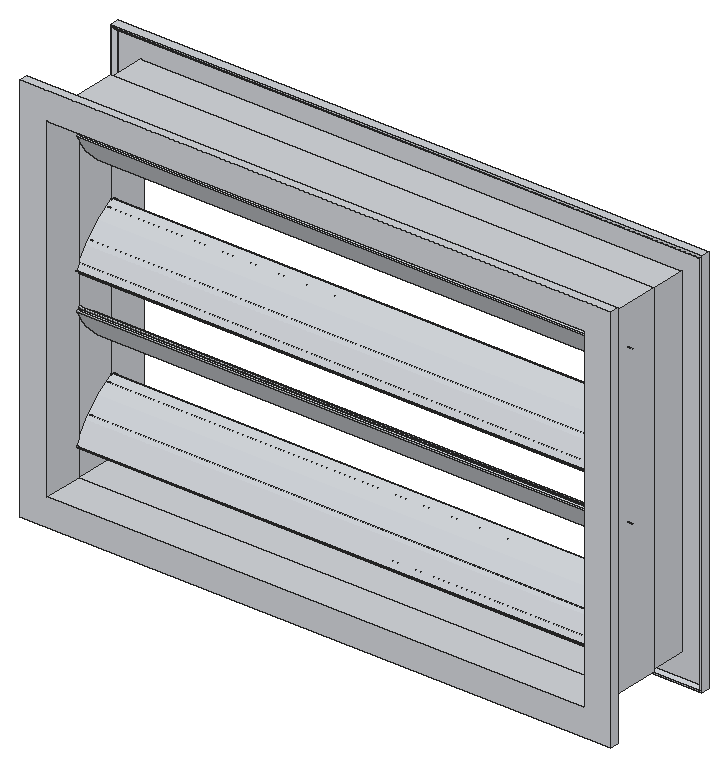
Revit family
Parameters (values of type "HCD-75 FOP")
  URL = "http://www.productspec.net/products/24356/holyoake-industries-ltd/airfoil-control-damper-hcd-75.aspx"
  Type Comments = "Airfoil Control Damper"
  Technical Info = "http://www.productspec.net/nas/TechnicalFiles/2367/p24356/H7-H9%20HCD75.pdf"
  Manually Operated min. Clearance = 100.00 mm  # constant formula
  Frame and Blade = none
  Exack Overall Flange Height = Actual Air Stream Height + 2 * Flange Width  # 364.00 mm
  Desired Air Stream Width = 500.00 mm
  Desired Air Stream Height = 300.00 mm
  Damper Depth = 113.00 mm  # constant formula
  Ownership = "Holyoake Industries Ltd"
  Flange Width = 25.00 mm  # constant formula
  Exact Overall Flange = Actual Air Stream Width + 2 * Flange Width  # 550.00 mm
  Blade Number = if(Blade Count < 2, 2, Blade Count)  # 2
  Blade Angle = "Actual axle placement may vary"  # constant formula
  Actual Air Stream Width = if(Desired Air Stream Width < 150.00 mm, 150.00 mm, if(Desired Air Stream Width > 950.00 mm, 950.00 mm, Desired Air Stream Width))  # 500.00 mm
  Actual Air Stream Height = (Blade Pitch * Blade Number) * 2 + 22.00 mm  # 314.00 mm
  Model = "HCD-75 FOP"
  Manufacturer = "Holyoake Industries Ltd"
  Louvre Offset = 500.00 mm
  Created By = "Productspec Ltd"
  Blade Pitch = 73.00 mm  # constant formula
  Blade Count = (Desired Air Stream Height - 47.50 mm) / (Blade Pitch * 2)  # 2
  Author = "Zinder Zhao"
  Actuator min. Clearance = 300.00 mm  # constant formula
Reference planes
  plane 1 "Wall": y = 0
  plane 2 "Center (Left/Right)": x = 122.25
  plane 3 "Back": y = 48.5
  plane 4: z = 522.25
  plane 5: z = 841.75
  plane 6: x = 375
  plane 7: x = -130.5
  plane 8: z = 572.5
  plane 9: z = 645.5
  plane 10: x = 372.25
  plane 11: x = -127.75
  plane 12: z = 525
  plane 13: z = 839
  plane 14: z = 718.5
  plane 15: z = 791.5
  plane 16: x = -152.75
  plane 17: x = 397.25
  plane 18: y = 56.5
  plane 19: y = -56.5
  plane 20: z = 500
  plane 21: z = 864
  plane 22: x = 497.25
  plane 23: x = 697.25
Forms (mm)
  Sweep 1, solid, material <- "Frame and Blade", detail levels medium+fine
    path origin (0, 48.5, 0) x (1, 0, 0) y (0, 0, 1)
      loop
        line (372.25, 839) -> (-127.75, 839) -> (-127.75, 525) -> (372.25, 525) -> (372.25, 839)
    profile "Holyoake_ControlDamper_HCD-75_Surround_profile : HCD-75 Surround Profile" origin (372.25, 48.5, 682) x (1, 0, 0) y (0, -1, 0)
      loop
        line (0, -8) -> (25, -8) -> (25, 0) -> (23.4, 0) -> (20.9, -2.5) -> (23.4, -2.5) -> (23.4, -6.4) -> (1.6, -6.4) -> (1.6, 27.85) -> (2.75, 27.85) -> (2.75, 69.15) -> (1.6, 69.15) -> (1.6, 103.4) -> (23.4, 103.4) -> (23.4, 99.5) -> (20.9, 99.5) -> (23.4, 97) -> (25, 97) -> (25, 105) -> (0, 105) -> (0, 67.55) -> (1.15, 67.55) -> (1.15, 29.45) -> (0, 29.45) -> (0, -8)
  Extrusion 2, solid, material <- "Frame and Blade", detail levels coarse+medium
    sketch origin (0, 0, 0) x (1, 0, 0) y (0, 1, 0)
      loop
        line (-130.5, 56.5) -> (-130.5, -56.5) -> (375, -56.5) -> (375, 56.5) -> (-130.5, 56.5)
    from 522.25 to 841.75
Lines and regions (mm)
  Opening 1
    outline origin (-5000, -48.5, 0) x (1, 0, 0) y (0, 0, 1)
      loop
        line (5375, 841.75) -> (4869.5, 841.75) -> (4869.5, 522.25) -> (5375, 522.25) -> (5375, 841.75)
Text (mm)
  text "Placement Side" at (-711.187, 205.054, 0), in view "Ref. Level"
  text "Placement side" at (0, 1409.804, 2854.306), in view "Left"
  text "Placement side" at (0, 499.811, 1580.84), in view "Right"
Dimensions and locks
  locked: plane 3 "Back" to host wall
  "Actual Air Stream Width": plane 11 to plane 10
  locked: plane 12 to plane 4 at 2.75
  locked: plane 8 to plane 12 at 47.5
  "Actual Air Stream Height": plane 13 to plane 12
  group 1 to group 2 = 0.00 mm  (x2)
  group 1 to group 2 = 146.00 mm
  group 3 to group 4 = 0.00 mm  (x2)
  group 3 to group 4 = 146.00 mm
  locked: plane 7 to plane 11 at 2.75
  "Flange Width": plane 16 to plane 11
  "Exact Overall Flange": plane 16 to plane 17
  "Damper Depth": plane 18 to plane 19
  "Flange Width": plane 12 to plane 20
  "Exack Overall Flange Height": plane 20 to plane 21
  "Louvre Offset": level to plane 20
  "Blade Pitch": plane 9 to plane 8
  "Blade Pitch": plane 14 to plane 9
  "Blade Pitch": plane 15 to plane 14
  equal spacing: plane 11, plane 2 "Center (Left/Right)", plane 10
  "Manually Operated min. Clearance": plane 17 to plane 22
  "Actuator min. Clearance": plane 17 to plane 23
  locked: plane 10 to plane 6 at 2.75
  locked: plane 5 to plane 13 at 2.75
  aligned and locked: plane 1 "Wall" to host wall
  aligned and locked: Opening 1 sketch curve to plane 5
  aligned and locked: plane 6 to Opening 1 sketch curve
  aligned and locked: plane 4 to Opening 1 sketch curve
  aligned and locked: plane 7 to Opening 1 sketch curve
  aligned and locked: Sweep 1 sketch curve to plane 10
  aligned and locked: plane 13 to Sweep 1 sketch curve
  aligned and locked: Sweep 1 sketch curve to plane 11
  aligned and locked: Sweep 1 sketch curve to plane 12
  aligned and locked: Extrusion 2 sketch curve to host wall  (x2)
  aligned and locked: plane 5 to Extrusion 2
  aligned and locked: Extrusion 2 to plane 4
  aligned and locked: plane 8 to nested 1
  aligned and locked: plane 9 to nested 2
  aligned and locked: plane 14 to nested 3
  aligned and locked: plane 15 to nested 4
  aligned and locked: plane 18 to Extrusion 2 sketch curve
  aligned and locked: Extrusion 2 sketch curve to plane 19
  aligned and locked: plane 10 to nested 1
  aligned and locked: plane 10 to nested 3
  aligned and locked: nested 2 to plane 10
  aligned and locked: nested 4 to plane 10
Nested families
  nested 1: "Holyoake_ControlDamper_HCD-75_Blade_opposed" at (122.25, -30.15, 572.5), type "Holyoake_AirfoilControlDamper_HCD-75"
    with Length 500.00 mm
  nested 2: "Holyoake_ControlDamper_HCD-75_Blade_opposed" at (122.25, 30.15, 645.5) x (-1, 0, 0) z (0, 0, 1), type "Holyoake_AirfoilControlDamper_HCD-75"
    with Length 500.00 mm
  nested 3: "Holyoake_ControlDamper_HCD-75_Blade_opposed" at (122.25, -30.15, 718.5), type "Holyoake_AirfoilControlDamper_HCD-75"
    with Length 500.00 mm
  nested 4: "Holyoake_ControlDamper_HCD-75_Blade_opposed" at (122.25, 30.15, 791.5) x (-1, 0, 0) z (0, 0, 1), type "Holyoake_AirfoilControlDamper_HCD-75"
    with Length 500.00 mm
Connectors
  hvac at (122.25, -56.5, 682), driven by "Actual Air Stream Width", driven by "Actual Air Stream Height"
    settings: on Sweep 1, index 1
  hvac at (122.25, 56.5, 682), driven by "Actual Air Stream Height", driven by "Actual Air Stream Width"
    settings: on Sweep 1, index 2
Definition of nested family "Holyoake_ControlDamper_HCD-75_Blade_opposed"
  Parameters (values of type "Holyoake_AirfoilControlDamper_HCD-75")
    Width = 60.30 mm
    Ownership = "Holyoake Industries Ltd"
    Model = "HCD-75"
    Manufacturer = "Holyoake Industries Ltd"
    Length = 594.50 mm
    Description = ""
    Created By = "Productspec Ltd"
    Blade = Aluminium
    Author = "Zinder Zhao"
    Assembly Code = ""
  Reference planes
    plane 1 "Front": y = 0
    plane 2: z = 0
    plane 3 "Center (Left/Right)": x = 0
    plane 4: x = -297.25
    plane 5: x = 297.25
    plane 6 "Back": y = 60.3
    plane 7 "Centre": y = 30.15
    plane 8: through (0, 46.025, 15.875) normal (0, -0.7071, 0.7071)
  Forms (mm)
    Sweep 1, solid, material "Aluminium" <- "Blade", detail levels fine
      path origin (0, 13.621, -26.11) x (1, 0, 0) y (0, 0.707107, 0.707107)
        loop
          line (-297.25, 0) -> (297.25, 0)
      profile "Holyoake_ControlDamper_HCD-75_Blade_profile : HCD-75 Blade Profile" origin (0, 13.621, -26.11) x (0, 0.707107, 0.707107) y (0, -0.707107, 0.707107)
        loop
          line (36.59, 6.775) -> (33.403, 12.295)
          arc (33.403, 12.295) -> (30.15, 12.35) -> (26.897, 12.295) r 96.519
          line (26.897, 12.295) -> (23.71, 6.775) -> (26.897, 1.255)
          arc (26.897, 1.255) -> (30.15, 1.2) -> (33.403, 1.255) r 96.519
          line (33.403, 1.255) -> (36.59, 6.775)
        loop
          line (7.7, 9.065) -> (7.7, 4.485)
          arc (7.7, 4.485) -> (7.874, 3.987) -> (8.319, 3.706) r 0.8
          arc (8.319, 3.706) -> (16.137, 2.223) -> (24.052, 1.393) r 96.519
          arc (24.052, 1.393) -> (24.743, 1.799) -> (24.735, 2.6) r 0.8
          line (24.735, 2.6) -> (22.324, 6.775) -> (24.735, 10.95)
          arc (24.735, 10.95) -> (24.743, 11.751) -> (24.052, 12.157) r 0.8
          arc (24.052, 12.157) -> (16.137, 11.327) -> (8.318, 9.848) r 96.519
          arc (8.318, 9.848) -> (7.874, 9.563) -> (7.7, 9.065) r 0.8
        loop
          arc (52.6, 9.065) -> (52.426, 9.563) -> (51.982, 9.848) r 0.8
          arc (51.982, 9.848) -> (44.163, 11.327) -> (36.248, 12.157) r 96.519
          arc (36.248, 12.157) -> (35.557, 11.751) -> (35.565, 10.95) r 0.8
          line (35.565, 10.95) -> (37.976, 6.775) -> (35.565, 2.6)
          arc (35.565, 2.6) -> (35.557, 1.799) -> (36.248, 1.393) r 0.8
          arc (36.248, 1.393) -> (44.163, 2.223) -> (51.981, 3.706) r 96.519
          arc (51.981, 3.706) -> (52.426, 3.987) -> (52.6, 4.485) r 0.8
          line (52.6, 4.485) -> (52.6, 9.065)
        loop
          line (53.8, 8.375) -> (59.7, 7.775)
          arc (59.7, 7.775) -> (60.3, 8.375) -> (59.7, 8.975) r 0.6
          arc (59.7, 8.975) -> (30.15, 13.55) -> (0.6, 8.975) r 97.719
          arc (0.6, 8.975) -> (0, 8.375) -> (0.6, 7.775) r 0.6
          line (0.6, 7.775) -> (6.5, 8.375) -> (6.5, 5.175) -> (0.6, 5.775)
          arc (0.6, 5.775) -> (0, 5.175) -> (0.6, 4.575) r 0.6
          arc (0.6, 4.575) -> (30.15, 0) -> (59.7, 4.575) r 97.719
          arc (59.7, 4.575) -> (60.3, 5.175) -> (59.7, 5.775) r 0.6
          line (59.7, 5.775) -> (53.8, 5.175) -> (53.8, 8.375)
  Lines and regions (mm)
    symbolic lines, style "Blade Opposed Projection", detail levels fine
      curve 1: arc (0, 30.15, -30.15) -> (0, 8.831, -21.319) -> (0, 0, 0) r 30.15
      curve 2: arc (0, 60.3, 0) -> (0, 51.469, 21.319) -> (0, 30.15, 30.15) r 30.15
  Dimensions and locks
    "Length": plane 4 to plane 5
    equal spacing: plane 4, plane 3 "Center (Left/Right)", plane 5
    equal spacing: plane 6 "Back", plane 7 "Centre", plane 1 "Front"
    "Width": plane 6 "Back" to plane 1 "Front"
    aligned and locked: Sweep 1 to plane 4
    aligned and locked: Sweep 1 to plane 5
    aligned: plane 1 "Front" to curve 1
    aligned: plane 7 "Centre" to curve 1
  Automatic sketch dimensions
    Sweep 1 sketch curve to plane 4 = 0.00 mm
    Sweep 1 sketch curve to plane 5 = 0.00 mm
    curve 1 to curve 2 = 0.00 mm  (x2)
    curve 1 to level = 0.00 mm
    curve 1 to plane 1 "Front" = 0.00 mm
    curve 1 to plane 7 "Centre" = 0.00 mm
    curve 2 to plane 6 "Back" = 0.00 mm
